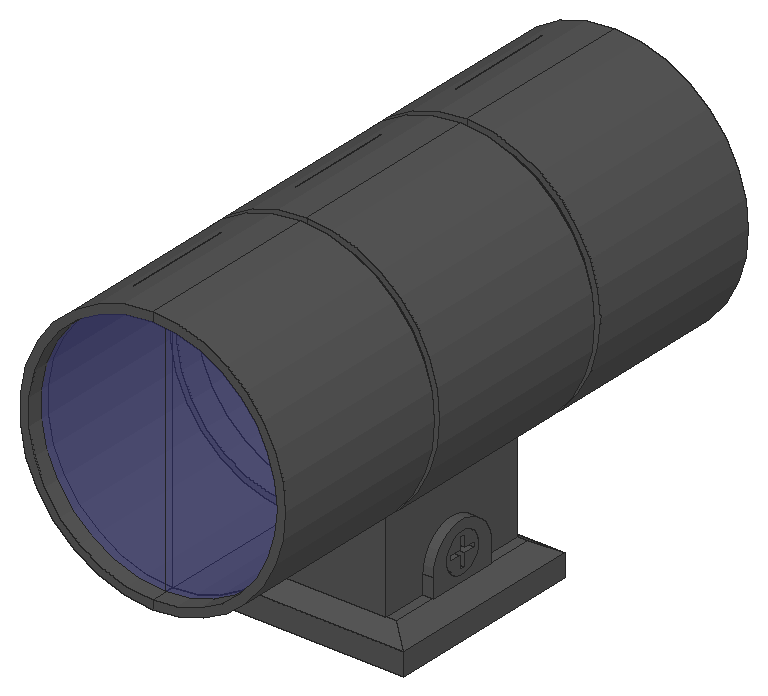
Revit family "CARLO CYLINDER LIGHT WALL MOUNT", category Lighting Fixtures, host Face, Revit 2020 (continued)
Types (10): name | Wattage_Input | Wattage Comments | Wattage | Photometric Web File | built-in parameter 1150142 | Model | built-in parameter 1150105 | Lumens | Light Length 1 | LIGHT RADIUS | LIGHT PLACEMENT | LIGHT LENGTH | LIGHT DIA | built-in parameter 1150106 | FIXED END HEIGHT | Curve base Height | Base Curve | BEAMING ANGLE | Apparent Load
    193 31.098 27.996 25.324 \r\n 23.1 21.159 19.484 18.015 16.714 15.515 14.444 13.514 12.697 11.979 \r\n 11.335 10.732 10.179 9.6757 9.2139 8.7875 8.3926 8.0243 7.6788 7.3514 \r\n 7.0407 6.7432 6.46 6.192 5.9362 5.6901 5.4536 5.226 5.0059 4.7908 \r\n 4.583 4.3834 4.1933 4.0162 3.8468 3.6798 3.5183 3.3631 3.2169 3.0841 \r\n 2.96 2.8392 2.7285 2.635 2.5529 2.4798 2.4135 2.3497 2.2926 2.2475 \r\n 2.2065 2.1627 2.118 2.0754 2.0242 1.9499 1.8676 1.7919 1.7097 1.6073 \r\n 1.5014 1.4043 1.3152 1.244 1.1698 1.0665 0.96063 0.87429 0.79457 0.7149 \r\n 0.63837 0.56462 0.49746 0.44442 0.39408 0.33388 0.27477 0.22506 0.18019 0.13784 \r\n 0.099606 0.065889 0.037859 0.016632 0.0027765 0 0 0 0 0 \r\n 0 0 0 0 0.000029 0.0001581 0.002742 0.010006 0.022406 0.040559 \r\n 0.066206 0.10438 0.14583 0.17859 0.21589 0.27216 0.3318 0.38019 0.42871 0.48093 \r\n 0.54563 0.64364 0.74241 0.80271 0.86533 0.9696 1.0807 1.174 1.2585 1.3289 \r\n 1.4028 1.504 1.6089 1.7011 1.7892 1.8829 1.9632 2.0074 2.0366 2.0621 \r\n 2.0902 2.139 2.1847 2.1961 2.2133 2.2781 2.3539 2.4083 2.4697 2.5592 \r\n 2.6657 2.7903 2.9182 3.0253 3.1402 3.2925 3.4547 3.6036 3.7554 3.9183 \r\n 4.0928 4.2871 4.4854 4.6673 4.8538 5.061 5.2829 5.5228 5.769 6.0056 \r\n 6.2479 6.5071 6.7797 7.0653 7.3658 7.6801 8.0174 8.3889 8.7883 9.2101 \r\n 9.663 10.149 10.682 11.268 11.935 12.714 13.591 14.547 15.623 16.836 \r\n 18.242 19.846 21.816 24.282 27.367 30.488 35.893 46.003 59.723 77.392 \r\n 97.138 117.01 137.58 158.88 180.61 203.18 224.54 242.4 257.89 271.19 \r\n 282.83 293.4 302.94 311.41 319.68 328.74 338.12 347.51 357.32 368.1 \r\n 379.14 389.77 400.38 411.3 421.98 431.62 441.32 452.09 463.37 474.69 \r\n 486.72 500.25 514.49 528.81 543.45 558.47 573.71 588.96 604.48 620.65 \r\n 636.9 652.62 668.23 683.99 699.68 715.1 730.36 745.56 760.52 775.19 \r\n 789.36 802.66 815.6 828.7 841.48 853.59 865.06 875.79 885.77 894.87 \r\n 903.32 911.38 918.81 925.34 931.3 936.8 942.14 947.75 953.23 958.25 \r\n 963.03 967.64 972.17 976.72 981.35 986.13 991.16 996.74 1002.3 1007.1 \r\n 1011.9 \r\n1006.9 1009.2 1006.3 1002.6 998.55 994.92 991.24 987.27 982.98 978.13 \r\n 973.03 968.02 962.74 956.82 950.69 944.72 938.76 932.86 926.77 920.42 \r\n 913.33 904.73 895.4 886 876.21 865.96 855.14 843.65 831.34 817.82 \r\n 803.63 789.3 774.46 758.71 742.61 726.68 710.68 694.6 678.32 661.65 \r\n 644.81 627.81 611.12 595.43 580.19 564.97 550.1 535.85 522.01 508.38 \r\n 495.29 483.02 471.5 460.84 450.83 441.38 432.27 423.34 414.37 405.02 \r\n 395.51 385.98 376.24 365.86 355.62 346.48 337.49 327.9 318.14 308.92 \r\n 298.57 285.5 270.11 251.83 232.04 212.23 191.61 169.22 147 127.07 \r\n 107.98 88.256 70.252 56.016 45.034 38.04 33.334 29.43 26.426 23.954 \r\n 21.922 20.114 18.543 17.157 15.934 14.839 13.864 12.991 12.221 11.559 \r\n 10.964 10.393 9.8639 9.3877 8.9528 8.5534 8.1826 7.832 7.5004 7.1844 \r\n 6.8829 6.5934 6.3168 6.0537 5.8026 5.5623 5.3326 5.1144 4.903 4.6921 \r\n 4.4876 4.2928 4.1082 3.938 3.7748 3.6101 3.4509 3.3011 3.1606 3.0308 \r\n 2.9098 2.7942 2.6893 2.6007 2.5237 2.4566 2.3964 2.3389 2.2863 2.2397 \r\n 2.1972 2.1587 2.1191 2.0754 2.0216 1.9464 1.863 1.7847 1.6988 1.5893 \r\n 1.4787 1.3888 1.306 1.2269 1.1432 1.0396 0.93665 0.8546 0.77886 0.69956 \r\n 0.62279 0.5506 0.48521 0.43304 0.38351 0.32469 0.26708 0.21849 0.17501 0.13508 \r\n 0.099475 0.068226 0.041986 0.02107 0.0065243 0.0010458 0 0 0 0 \r\n 0 0 0 0 0.000017 0.00015349 0.0016171 0.004337 0.012252 0.029481 \r\n 0.055408 0.093574 0.13561 0.17054 0.20974 0.26541 0.32406 0.37305 0.42204 0.47256 \r\n 0.53644 0.63807 0.74132 0.8051 0.86858 0.96614 1.071 1.1669 1.257 1.3349 \r\n 1.4131 1.5058 1.6015 1.6949 1.785 1.8733 1.9474 1.9881 2.0164 2.0462 \r\n 2.0793 2.1294 2.1754 2.187 2.2049 2.2722 2.3505 2.405 2.4668 2.5603 \r\n 2.6712 2.7979 2.9272 3.0359 3.1526 3.3069 3.4717 3.6245 3.7803 3.9463 \r\n 4.1242 4.3235 4.5273 4.7148 4.907 5.1203 5.3479 5.5917 5.8425 6.0881 \r\n 6.3405 6.6082 6.889 7.1822 7.4924 7.8216 8.1777 8.5706 8.9951 9.4451 \r\n 9.9322 10.464 11.047 11.673 12.391 13.262 14.24 15.276 16.443 17.786 \r\n 19.337 21.085 23.207 25.849 29.102 32.454 37.87 47.459 60.286 76.578 \r\n 94.964 114.32 134.13 153.07 172.5 194.49 215.55 232.04 246.45 260.11 \r\n 272.87 285.23 296.69 306.47 315.91 326.32 336.91 347.07 357.51 369.04 \r\n 380.72 391.71 402.51 413.56 424.19 433.38 442.58 453.19 464.33 475.27 \r\n 486.89 500.14 514.12 528.18 542.55 557.24 572.19 587.23 602.62 618.75 \r\n 635.05 651.06 666.94 682.65 698.28 713.98 729.54 744.81 759.83 774.69 \r\n 789.07 802.52 815.53 828.58 841.25 853.16 864.55 875.66 886.05 895.2 \r\n 903.66 911.97 919.61 926.07 931.91 937.42 942.78 948.44 953.96 958.99 \r\n 963.73 968.13 972.49 977.11 981.89 986.81 991.9 997.33 1002.7 1007.5 \r\n 1011.9 \r\n1006.9 1009.1 1005.9 1001.7 997.29 993.47 989.71 985.84 981.64 976.64 \r\n 971.37 966.4 961.16 955.04 948.69 942.56 936.54 930.81 924.91 918.58 \r\n 911.43 902.69 893.21 883.7 873.81 863.47 852.62 841.28 829.12 815.61 \r\n 801.38 786.98 772.14 756.68 740.89 725 708.99 692.93 676.69 660.07 \r\n 643.29 626.38 609.76 594.03 578.79 563.78 549.16 535.05 521.26 507.49 \r\n 494.15 481.56 469.67 458.58 448.12 438.26 428.8 419.61 410.44 400.94 \r\n 391.29 381.54 371.67 361.45 351.62 343.15 334.97 326.19 317.22 308.68 \r\n 299.05 287.14 272.57 253.9 233.19 212.2 190.33 166.89 143.94 124.01 \r\n 105.07 84.956 66.657 52.769 42.339 35.863 31.596 27.865 24.959 22.667 \r\n 20.81 19.125 17.652 16.343 15.194 14.195 13.31 12.493 11.767 11.156 \r\n 10.609 10.067 9.5633 9.1134 8.7041 8.3305 7.9829 7.6494 7.3312 7.0259 \r\n 6.733 6.4512 6.181 5.9225 5.6757 5.4407 5.2172 5.0078 4.8046 4.5978 \r\n 4.3965 4.2066 4.0275 3.8634 3.7056 3.5434 3.3865 3.2426 3.1078 2.9804 \r\n 2.8616 2.7511 2.6518 2.5677 2.4952 2.4332 2.3784 2.3276 2.2799 2.2323 \r\n 2.1885 2.1548 2.12 2.076 2.0204 1.944 1.8588 1.7781 1.6889 1.574 \r\n 1.4601 1.3764 1.2987 1.2114 1.1185 1.0154 0.91598 0.8375 0.76483 0.68572 \r\n 0.60873 0.53818 0.47455 0.42291 0.37388 0.3165 0.26051 0.21303 0.17089 0.13338 \r\n 0.10034 0.071268 0.046518 0.025824 0.01054 0.0030214 0 0 0 0 \r\n 0 0 0 0 0.000005 0.000072 0.00050471 0 0.0034328 0.020272 \r\n 0.046756 0.084616 0.12684 0.16393 0.2051 0.26015 0.31784 0.36757 0.41729 0.46671 \r\n 0.52997 0.63378 0.74016 0.80811 0.8735 0.96463 1.0632 1.1611 1.2565 1.3427 \r\n 1.4262 1.511 1.5975 1.6909 1.782 1.8657 1.9343 1.9712 1.998 2.0319 \r\n 2.0699 2.1207 2.1663 2.1787 2.1978 2.2672 2.3476 2.403 2.4662 2.5637 \r\n 2.6786 2.807 2.9375 3.0484 3.1673 3.3231 3.4899 3.6465 3.8066 3.9756 \r\n 4.1565 4.3601 4.5689 4.7621 4.9603 5.1792 5.412 5.6589 5.9138 6.1681 \r\n 6.4303 6.7064 6.9954 7.2952 7.6139 7.9562 8.3287 8.7408 9.1878 9.663 \r\n 10.181 10.756 11.384 12.046 12.811 13.764 14.833 15.942 17.191 18.652 \r\n 20.337 22.219 24.485 27.279 30.699 34.338 39.848 48.995 61.032 76.118 \r\n 93.299 112.15 131.25 148.12 165.5 186.87 207.57 222.95 236.53 250.49 \r\n 264.2 278.07 291.17 302.15 312.67 324.29 335.96 346.85 357.89 370.09 \r\n 382.35 393.73 404.76 415.91 426.46 435.3 444.09 454.52 465.47 476.05 \r\n 487.3 500.25 513.96 527.76 541.86 556.25 570.92 585.79 601.07 617.14 \r\n 633.5 649.79 665.92 681.59 697.17 713.13 728.98 744.34 759.43 774.46 \r\n 789.01 802.58 815.64 828.63 841.17 852.9 864.21 875.66 886.43 895.62 \r\n 904.08 912.59 920.4 926.81 932.54 938.06 943.47 949.17 954.73 959.79 \r\n 964.5 968.71 972.91 977.6 982.51 987.53 992.66 997.96 1003.1 1007.9 \r\n 1011.9 \r\n1006.9 1009 1005.5 1001 996.22 992.25 988.44 984.59 980.43 975.39 \r\n 970.07 965.1 959.83 953.6 947.1 940.86 934.79 929.15 923.35 916.95 \r\n 909.68 900.89 891.33 881.68 871.63 861.14 850.18 838.83 826.7 813.23 \r\n 799.03 784.58 769.7 754.34 738.65 722.76 706.71 690.64 674.39 657.8 \r\n 641.08 624.26 607.73 591.97 576.71 561.85 547.39 533.38 519.64 505.87 \r\n 492.48 479.8 467.79 456.57 445.97 435.86 426.14 416.77 407.43 397.65 \r\n 387.72 377.76 367.78 357.6 347.95 339.86 332.15 323.82 315.3 307.18 \r\n 298.01 286.78 272.69 253.74 232.43 210.8 188.26 164.12 140.69 120.88 \r\n 102.17 81.916 63.551 50.066 40.166 34.131 30.221 26.656 23.847 21.686 \r\n 19.948 18.359 16.965 15.719 14.626 13.695 12.874 12.103 11.415 10.842 \r\n 10.326 9.8098 9.3278 8.8986 8.5087 8.1547 7.8245 7.504 7.196 6.8984 \r\n 6.6118 6.3363 6.0715 5.8167 5.5734 5.3427 5.1241 4.9206 4.723 4.5191 \r\n 4.3203 4.1349 3.9605 3.8001 3.6455 3.4854 3.3311 3.1925 3.0627 2.9363 \r\n 2.8184 2.712 2.6172 2.5363 2.4666 2.4072 2.3559 2.3117 2.2698 2.2225 \r\n 2.1781 2.1474 2.1159 2.0738 2.0185 1.9394 1.8509 1.769 1.679 1.5619 \r\n 1.4468 1.3657 1.2898 1.1975 1.0994 0.99735 0.90053 0.82368 0.7521 0.67262 \r\n 0.59538 0.52664 0.46493 0.41342 0.36441 0.30833 0.25393 0.20771 0.16685 0.1308 \r\n 0.09926 0.071759 0.048207 0.027776 0.012213 0.0039153 0.00010363 0 0 0 \r\n 0 0 0 0 0 0 0 0 0.000007 0.016886 \r\n 0.043703 0.081147 0.12321 0.16159 0.20389 0.25801 0.31467 0.36511 0.41564 0.46456 \r\n 0.52715 0.63058 0.73754 0.80927 0.87737 0.96454 1.0588 1.1571 1.2552 1.3473 \r\n 1.4353 1.5163 1.5978 1.6901 1.7809 1.8645 1.9313 1.9658 1.991 2.0273 \r\n 2.068 2.1184 2.1632 2.1759 2.1955 2.2652 2.3461 2.4033 2.4685 2.5675 \r\n 2.6838 2.8132 2.9447 3.0573 3.1775 3.3334 3.5005 3.66 3.8232 3.9934 \r\n 4.1755 4.3811 4.5926 4.7898 4.9919 5.2139 5.4491 5.6972 5.9542 6.2137 \r\n 6.482 6.7638 7.058 7.3618 7.6846 8.0328 8.4124 8.8332 9.2905 9.7772 \r\n 10.31 10.907 11.559 12.238 13.025 14.018 15.133 16.279 17.57 19.089 \r\n 20.841 22.797 25.139 28.003 31.494 35.279 40.803 49.583 61.071 75.507 \r\n 92.034 110.43 129.03 145.07 161.65 182.56 202.97 218.03 231.48 245.72 \r\n 259.94 274.45 288.26 299.89 311.03 323.18 335.34 346.68 358.1 370.58 \r\n 383.08 394.77 406.02 417.14 427.56 436.25 444.86 455.04 465.73 476.08 \r\n 487.09 499.77 513.23 526.84 540.77 554.98 569.5 584.29 599.54 615.57 \r\n 631.95 648.43 664.78 680.47 696.09 712.24 728.31 743.85 759.09 774.26 \r\n 788.92 802.55 815.65 828.6 841.08 852.72 864.01 875.66 886.65 895.87 \r\n 904.33 912.94 920.84 927.2 932.88 938.47 943.97 949.74 955.36 960.49 \r\n 965.23 969.35 973.44 978.17 983.12 988.13 993.21 998.41 1003.5 1008.2 \r\n 1011.9 \r\n1006.9 1008.8 1005.1 1000.3 995.36 991.31 987.46 983.55 979.35 974.4 \r\n 969.16 964.14 958.79 952.52 945.98 939.69 933.56 927.94 922.13 915.56 \r\n 908.13 899.35 889.81 879.98 869.71 859.01 847.86 836.33 824.1 810.69 \r\n 796.57 782.09 767.13 751.64 735.81 719.85 703.75 687.62 671.34 654.74 \r\n 638.05 621.34 604.91 589.14 573.85 559.03 544.64 530.68 517.02 503.4 \r\n 490.2 477.67 465.82 454.85 444.43 434.26 424.4 414.97 405.47 395.27 \r\n 384.91 374.77 364.69 354.4 344.67 336.63 329 320.69 312.21 304.23 \r\n 295.21 284.11 270.06 250.94 229.43 207.77 185.2 160.81 137.2 117.62 \r\n 99.244 79.124 60.95 47.941 38.556 32.887 29.254 25.85 23.138 21.051 \r\n 19.371 17.846 16.51 15.31 14.258 13.362 12.573 11.838 11.182 10.627 \r\n 10.127 9.6302 9.1668 8.7519 8.3744 8.0326 7.7131 7.4009 7.0994 6.8061 \r\n 6.5231 6.2523 5.9918 5.7399 5.499 5.2716 5.0564 4.8558 4.6605 4.4581 \r\n 4.2611 4.0797 3.9091 3.7497 3.5956 3.4373 3.2856 3.1517 3.0259 2.8993 \r\n 2.7808 2.6772 2.5857 2.5064 2.4378 2.3784 2.3283 2.2906 2.2553 2.2096 \r\n 2.1655 2.1359 2.1061 2.068 2.0153 1.9318 1.8384 1.7568 1.6687 1.5533 \r\n 1.4391 1.3565 1.2786 1.1849 1.0865 0.98596 0.89068 0.81329 0.74062 0.66012 \r\n 0.58259 0.51586 0.45624 0.40444 0.35496 0.29999 0.24712 0.20235 0.16268 0.12698 \r\n 0.095684 0.069089 0.046444 0.026357 0.011054 0.0033679 0.000093 0 0 0 \r\n 0 0 0 0 0 0 0 0 0.0027348 0.020078 \r\n 0.046896 0.083853 0.12542 0.16406 0.20644 0.2593 0.31484 0.36593 0.41732 0.46633 \r\n 0.52816 0.62844 0.73319 0.80811 0.87968 0.9658 1.0579 1.1547 1.2525 1.3478 \r\n 1.4391 1.5213 1.6026 1.6923 1.7811 1.8681 1.9399 1.9737 1.9973 2.0337 \r\n 2.0746 2.1236 2.167 2.1794 2.1987 2.2665 2.3462 2.4059 2.4737 2.5715 \r\n 2.686 2.8156 2.9479 3.0614 3.1822 3.3364 3.502 3.6631 3.8279 3.9976 \r\n 4.1785 4.3836 4.5952 4.7941 4.9979 5.2197 5.4543 5.7017 5.9584 6.219 \r\n 6.4891 6.7733 7.0694 7.3738 7.696 8.0418 8.418 8.8353 9.2887 9.7714 \r\n 10.301 10.896 11.547 12.221 13.001 13.986 15.094 16.238 17.526 19.034 \r\n 20.776 22.735 25.075 27.913 31.362 35.114 40.542 49.029 60.234 74.65 \r\n 91.15 109.15 127.52 144.13 161.3 182.01 202.2 217.81 231.91 246.41 \r\n 260.65 274.84 288.29 299.97 311.17 323.12 335.07 346.52 358.07 370.38 \r\n 382.73 394.63 406.08 417.03 427.25 436.02 444.69 454.57 464.92 475.16 \r\n 486.08 498.54 511.77 525.28 539.15 553.32 567.83 582.68 597.98 613.99 \r\n 630.36 646.94 663.43 679.24 694.99 711.25 727.48 743.28 758.77 774.04 \r\n 788.73 802.4 815.51 828.46 840.94 852.61 863.94 875.63 886.66 895.89 \r\n 904.35 912.96 920.86 927.19 932.87 938.57 944.22 950.11 955.83 961.08 \r\n 965.9 970.03 974.1 978.81 983.71 988.56 993.48 998.67 1003.7 1008.3 \r\n 1011.9 \r\n1006.9 1008.7 1004.8 999.78 994.63 990.54 986.68 982.65 978.38 973.58 \r\n 968.5 963.41 957.96 951.68 945.16 938.84 932.67 927.01 921.11 914.3 \r\n 906.67 897.96 888.48 878.46 867.9 856.94 845.53 833.73 821.32 808 \r\n 794.02 779.52 764.46 748.72 732.64 716.57 700.4 684.2 667.86 651.24 \r\n 634.58 618.01 601.71 585.93 570.61 555.79 541.41 527.46 513.87 500.51 \r\n 487.62 475.38 463.86 453.35 443.3 433.17 423.21 413.77 404.12 393.38 \r\n 382.47 372.17 362.02 351.52 341.59 333.42 325.65 317.14 308.49 300.48 \r\n 291.44 280.2 266.01 246.81 225.35 204.02 181.77 157.34 133.71 114.42 \r\n 96.436 76.625 58.795 46.285 37.375 31.988 28.544 25.289 22.674 20.625 \r\n 18.963 17.482 16.192 15.028 14.003 13.123 12.35 11.645 11.016 10.47 \r\n 9.975 9.4952 9.0489 8.6447 8.2754 7.9419 7.6295 7.323 7.0258 6.735 \r\n 6.4541 6.187 5.9302 5.6804 5.4413 5.2165 5.0036 4.804 4.6095 4.4078 \r\n 4.2122 4.0346 3.8673 3.7073 3.5521 3.3954 3.2466 3.1171 2.9949 2.8671 \r\n 2.7469 2.6454 2.5565 2.4779 2.4092 2.348 2.2978 2.2667 2.2387 2.1954 \r\n 2.1523 2.1225 2.0933 2.061 2.0124 1.9234 1.8239 1.7435 1.6588 1.5478 \r\n 1.4362 1.3496 1.2672 1.174 1.0776 0.9792 0.88521 0.80587 0.73061 0.6487 \r\n 0.57086 0.50629 0.44883 0.39637 0.34601 0.29209 0.2408 0.19755 0.15901 0.12313 \r\n 0.091449 0.065292 0.04326 0.023505 0.0086953 0.0022282 0.000073 0 0 0 \r\n 0 0 0 0 0 0 0 0.0017216 0.0090804 0.027386 \r\n 0.054177 0.090455 0.13115 0.16957 0.21158 0.263 0.31739 0.36917 0.42158 0.47128 \r\n 0.5324 0.62748 0.72798 0.80617 0.88212 0.96872 1.0598 1.1539 1.2498 1.3472 \r\n 1.4419 1.5279 1.6113 1.6968 1.7821 1.876 1.9554 1.9892 2.0107 2.0463 \r\n 2.086 2.1329 2.1742 2.1864 2.2052 2.2698 2.3473 2.4104 2.4816 2.5767 \r\n 2.6878 2.817 2.9499 3.0644 3.1854 3.3368 3.4998 3.6618 3.8278 3.9958 \r\n 4.1745 4.3775 4.5877 4.7872 4.9917 5.2118 5.4439 5.6893 5.9444 6.2039 \r\n 6.4736 6.7585 7.0549 7.358 7.6766 8.015 8.3818 8.7885 9.2302 9.6997 \r\n 10.215 10.796 11.431 12.088 12.845 13.795 14.865 15.984 17.244 18.702 \r\n 20.39 22.315 24.61 27.366 30.718 34.382 39.705 47.977 59.08 73.864 \r\n 90.715 108.36 126.63 144.63 163.21 183.78 203.77 220.51 235.75 250.47 \r\n 264.41 277.66 290.11 301.47 312.45 323.74 335.11 346.49 358.02 369.9 \r\n 381.89 393.97 405.64 416.34 426.3 435.33 444.21 453.75 463.69 473.9 \r\n 484.83 497.08 510.09 523.53 537.4 551.6 566.19 581.16 596.57 612.55 \r\n 628.89 645.53 662.12 678.11 694.03 710.36 726.69 742.82 758.62 773.95 \r\n 788.63 802.29 815.39 828.34 840.85 852.61 864.02 875.67 886.63 895.85 \r\n 904.3 912.84 920.68 926.98 932.69 938.55 944.38 950.4 956.24 961.64 \r\n 966.58 970.79 974.88 979.54 984.33 988.93 993.64 998.85 1004 1008.4 \r\n 1011.9 \r\n1006.9 1008.6 1004.5 999.33 994.05 989.95 986.08 981.89 977.52 972.95 \r\n 968.11 962.92 957.33 951.1 944.65 938.32 932.11 926.36 920.3 913.18 \r\n 905.29 896.71 887.36 877.1 866.21 854.93 843.19 831.02 818.35 805.17 \r\n 791.38 776.88 761.68 745.58 729.13 712.91 696.67 680.37 663.97 647.32 \r\n 630.69 614.28 598.14 582.35 566.98 552.11 537.7 523.72 510.21 497.19 \r\n 484.75 472.95 461.92 452.08 442.6 432.58 422.58 413.16 403.38 391.99 \r\n 380.42 369.97 359.75 348.99 338.72 330.23 322.11 313.17 304.12 295.93 \r\n 286.72 275.06 260.54 241.36 220.18 199.54 177.96 153.73 130.21 111.29 \r\n 93.75 74.417 57.085 45.097 36.625 31.432 28.091 24.973 22.455 20.408 \r\n 18.725 17.268 16.009 14.87 13.863 12.981 12.205 11.523 10.918 10.37 \r\n 9.871 9.4048 8.9742 8.5769 8.2119 7.8825 7.5736 7.2703 6.9754 6.685 \r\n 6.4046 6.1404 5.8867 5.6383 5.4004 5.1774 4.9658 4.7655 4.57 4.3682 \r\n 4.1736 3.9996 3.8352 3.6728 3.515 3.3597 3.2138 3.0888 2.9697 2.8397 \r\n 2.7168 2.6167 2.5296 2.4508 2.3808 2.316
